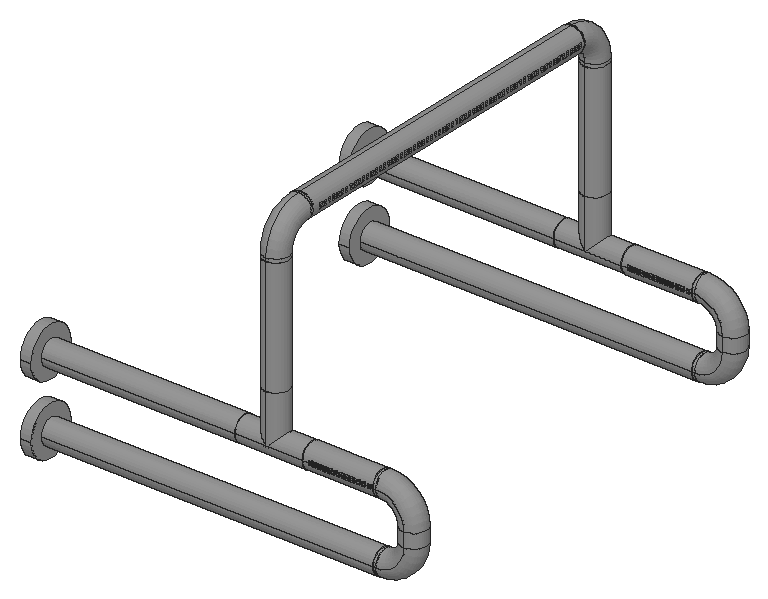
Revit family "Tube Coated Handicap Grab Bar White_IN", category Pipe Accessories, Revit 2017
Family settings
  Round Connector Dimension = Use Diameter
  Part Type = Normal
  Work Plane-Based = Yes
  Always vertical = No
  Cut with Voids When Loaded = Yes
  Shared = No
Parameters
  Website = "https://dolphy.in/"  # constant formula
  Model = "DHGB0004"  # constant formula
  Default Elevation = 1219.2 mm
  Contact number = "+91 9520202035"  # constant formula
  Contact email = "info@dolphy.in"  # constant formula
  Company name = "Dolphy India"  # constant formula
Reference planes
  plane 1 "Center (Front/Back)": y = 0
  plane 2: z = 0
  plane 3 "Center (Left/Right)": x = 0
  plane 4: z = 134.837
  plane 5: x = 540.581
  plane 6: y = 34.998
  plane 7: y = 599.998
  plane 8: y = 35
  plane 9: y = -4.687
  plane 10: z = 414.837
  plane 11: z = 414.837
  plane 12: x = 540.581
Forms (mm)
  Sweep 1, solid, material "NYLONS"
    path origin (1045, 317.5, -571.329) x (1, 0, 0) y (0, 0, -1)
      loop
        line (-1044.419, -706.329) -> (-555, -706.329)
        arc (-555, -706.329) -> (-526.716, -694.613) -> (-515, -666.329) r 40
        line (-515, -666.329) -> (-515, -646.329)
        arc (-515, -646.329) -> (-526.716, -618.044) -> (-555, -606.329) r 40
        line (-555, -606.329) -> (-1044.419, -606.329)
    profile origin (245.29, 317.5, 135) x (0, 0, -1) y (0, 1, 0)
      loop
        circle (0, -282.5) r 17.5
  Extrusion 2, solid, material "NYLONS"
    sketch origin (1045, 35, -571.329) x (0, 1, 0) y (0, 0, -1)
      loop
        circle (-0.2, -706.685) r 35
      loop
        circle (0, -606.329) r 35
    from 1030 to 1045
  Sweep 3, solid, material "NYLONS"
    path origin (1045, 319.829, 59.988) x (0, -1, 0) y (0, 0, 1)
      loop
        line (284.831, 74.849) -> (284.831, 314.849)
        arc (284.831, 314.849) -> (273.115, 343.133) -> (244.831, 354.849) r 40
        line (244.831, 354.849) -> (-240.169, 354.849)
        arc (-240.169, 354.849) -> (-268.453, 343.133) -> (-280.169, 314.849) r 40
        line (-280.169, 314.849) -> (-280.169, 74.849)
    profile origin (1045, 34.998, 254.837) x (0, 1, 0) y (-1, 0, 0)
      loop
        circle (0, 710.355) r 17.5
  Revolve 4, void
    sketch origin (-6.752, 34.998, -0.356) x (1, 0, 0) y (0, 0, 1)
      loop
        line (392.681, 157.144) -> (392.681, 151.753) -> (393.569, 151.753) -> (393.569, 157.144) -> (392.681, 157.144)
      axis (392.681, 135.356) -> (393.681, 135.356)
    angle from 0 to 360
  Revolve 5, void
    sketch origin (0, 34.998, 0) x (1, 0, 0) y (0, 0, 1)
      loop
        line (350.266, 205.383) -> (350.266, 204.602) -> (357.531, 204.602) -> (357.531, 205.383) -> (350.266, 205.383)
      axis (334.645, 204.602) -> (334.645, 205.602)
    angle from 0 to 360
  Revolve 6, void
    sketch origin (-102.681, 34.998, -0.356) x (1, 0, 0) y (0, 0, 1)
      loop
        line (392.681, 157.144) -> (392.681, 151.753) -> (393.569, 151.753) -> (393.569, 157.144) -> (392.681, 157.144)
      axis (392.681, 135.356) -> (393.681, 135.356)
    angle from 0 to 360
  Revolve 7, void
    sketch origin (93.248, 34.998, -0.356) x (1, 0, 0) y (0, 0, 1)
      loop
        line (392.681, 157.144) -> (392.681, 151.753) -> (393.569, 151.753) -> (393.569, 157.144) -> (392.681, 157.144)
      axis (392.681, 135.356) -> (393.681, 135.356)
    angle from 0 to 360
  Revolve 8, void
    sketch origin (93.248, 34.998, -100.356) x (1, 0, 0) y (0, 0, 1)
      loop
        line (392.681, 157.144) -> (392.681, 151.753) -> (393.569, 151.753) -> (393.569, 157.144) -> (392.681, 157.144)
      axis (392.681, 135.356) -> (393.681, 135.356)
    angle from 0 to 360
  Revolve 9, void
    sketch origin (0, 34.998, 165) x (1, 0, 0) y (0, 0, 1)
      loop
        line (350.266, 205.383) -> (350.266, 204.602) -> (357.531, 204.602) -> (357.531, 205.383) -> (350.266, 205.383)
      axis (334.645, 204.602) -> (334.645, 205.602)
    angle from 0 to 360
  Revolve 10, void
    sketch origin (0, 599.998, 165) x (1, 0, 0) y (0, 0, 1)
      loop
        line (350.266, 205.383) -> (350.266, 204.602) -> (357.531, 204.602) -> (357.531, 205.383) -> (350.266, 205.383)
      axis (334.645, 204.602) -> (334.645, 205.602)
    angle from 0 to 360
  Revolve 11, void
    sketch origin (0, 599.998, 0) x (1, 0, 0) y (0, 0, 1)
      loop
        line (350.266, 205.383) -> (350.266, 204.602) -> (357.531, 204.602) -> (357.531, 205.383) -> (350.266, 205.383)
      axis (334.645, 204.602) -> (334.645, 205.602)
    angle from 0 to 360
  Revolve 12, void
    sketch origin (334.645, -25, 0) x (0, 1, 0) y (0, 0, 1)
      loop
        line (103.061, 435.788) -> (103.061, 430.007) -> (103.935, 430.007) -> (103.935, 435.788) -> (103.061, 435.788)
      axis (103.935, 414.602) -> (102.935, 414.602)
    angle from 0 to 360
  Revolve 13, void
    sketch origin (334.645, 455, 0) x (0, 1, 0) y (0, 0, 1)
      loop
        line (103.061, 435.788) -> (103.061, 430.007) -> (103.935, 430.007) -> (103.935, 435.788) -> (103.061, 435.788)
      axis (103.935, 414.602) -> (102.935, 414.602)
    angle from 0 to 360
  Extrusion 14, solid, material "NYLONS"
    sketch origin (0, 0, -0.391) x (1, 0, 0) y (0, 0, 1)
      loop
        spline (395.339, 136.409) -> (395.242, 136.281) -> (395.162, 136.155) -> (395.1, 136.031) -> (395.056, 135.909) -> (395.029, 135.789) -> (395.021, 135.671) -> (395.029, 135.554) -> (395.056, 135.44) -> (395.1, 135.327) -> (395.162, 135.216) -> (395.242, 135.107) -> (395.339, 135)
        line (395.339, 135) -> (398.827, 135)
        spline (398.827, 135) -> (398.927, 135.11) -> (399.008, 135.221) -> (399.072, 135.333) -> (399.117, 135.447) -> (399.145, 135.562) -> (399.154, 135.679) -> (399.145, 135.797) -> (399.117, 135.917) -> (399.072, 136.038) -> (399.008, 136.16) -> (398.927, 136.283) -> (398.827, 136.409)
        line (398.827, 136.409) -> (395.339, 136.409)
    from -18.046 to -17.398
  Extrusion 15, solid, material "NYLONS"
    sketch origin (0, 0, -2.564) x (1, 0, 0) y (0, 0, 1)
      loop
        spline (395.339, 136.409) -> (395.242, 136.281) -> (395.162, 136.155) -> (395.1, 136.031) -> (395.056, 135.909) -> (395.029, 135.789) -> (395.021, 135.671) -> (395.029, 135.554) -> (395.056, 135.44) -> (395.1, 135.327) -> (395.162, 135.216) -> (395.242, 135.107) -> (395.339, 135)
        line (395.339, 135) -> (398.827, 135)
        spline (398.827, 135) -> (398.927, 135.11) -> (399.008, 135.221) -> (399.072, 135.333) -> (399.117, 135.447) -> (399.145, 135.562) -> (399.154, 135.679) -> (399.145, 135.797) -> (399.117, 135.917) -> (399.072, 136.038) -> (399.008, 136.16) -> (398.927, 136.283) -> (398.827, 136.409)
        line (398.827, 136.409) -> (395.339, 136.409)
    from -18.046 to -17.398
  Extrusion 16, solid, material "NYLONS"
    sketch origin (0, 0, 1.96) x (1, 0, 0) y (0, 0, 1)
      loop
        spline (395.339, 136.409) -> (395.242, 136.281) -> (395.162, 136.155) -> (395.1, 136.031) -> (395.056, 135.909) -> (395.029, 135.789) -> (395.021, 135.671) -> (395.029, 135.554) -> (395.056, 135.44) -> (395.1, 135.327) -> (395.162, 135.216) -> (395.242, 135.107) -> (395.339, 135)
        line (395.339, 135) -> (398.827, 135)
        spline (398.827, 135) -> (398.927, 135.11) -> (399.008, 135.221) -> (399.072, 135.333) -> (399.117, 135.447) -> (399.145, 135.562) -> (399.154, 135.679) -> (399.145, 135.797) -> (399.117, 135.917) -> (399.072, 136.038) -> (399.008, 136.16) -> (398.927, 136.283) -> (398.827, 136.409)
        line (398.827, 136.409) -> (395.339, 136.409)
    from -18.046 to -17.398
  Extrusion 17, solid, material "NYLONS"
    sketch origin (5.951, 0, -0.391) x (1, 0, 0) y (0, 0, 1)
      loop
        spline (395.339, 136.409) -> (395.242, 136.281) -> (395.162, 136.155) -> (395.1, 136.031) -> (395.056, 135.909) -> (395.029, 135.789) -> (395.021, 135.671) -> (395.029, 135.554) -> (395.056, 135.44) -> (395.1, 135.327) -> (395.162, 135.216) -> (395.242, 135.107) -> (395.339, 135)
        line (395.339, 135) -> (398.827, 135)
        spline (398.827, 135) -> (398.927, 135.11) -> (399.008, 135.221) -> (399.072, 135.333) -> (399.117, 135.447) -> (399.145, 135.562) -> (399.154, 135.679) -> (399.145, 135.797) -> (399.117, 135.917) -> (399.072, 136.038) -> (399.008, 136.16) -> (398.927, 136.283) -> (398.827, 136.409)
        line (398.827, 136.409) -> (395.339, 136.409)
    from -18.046 to -17.398
  Extrusion 18, solid, material "NYLONS"
    sketch origin (5.951, 0, -2.564) x (1, 0, 0) y (0, 0, 1)
      loop
        spline (395.339, 136.409) -> (395.242, 136.281) -> (395.162, 136.155) -> (395.1, 136.031) -> (395.056, 135.909) -> (395.029, 135.789) -> (395.021, 135.671) -> (395.029, 135.554) -> (395.056, 135.44) -> (395.1, 135.327) -> (395.162, 135.216) -> (395.242, 135.107) -> (395.339, 135)
        line (395.339, 135) -> (398.827, 135)
        spline (398.827, 135) -> (398.927, 135.11) -> (399.008, 135.221) -> (399.072, 135.333) -> (399.117, 135.447) -> (399.145, 135.562) -> (399.154, 135.679) -> (399.145, 135.797) -> (399.117, 135.917) -> (399.072, 136.038) -> (399.008, 136.16) -> (398.927, 136.283) -> (398.827, 136.409)
        line (398.827, 136.409) -> (395.339, 136.409)
    from -18.046 to -17.398
  Extrusion 19, solid, material "NYLONS"
    sketch origin (5.951, 0, 1.96) x (1, 0, 0) y (0, 0, 1)
      loop
        spline (395.339, 136.409) -> (395.242, 136.281) -> (395.162, 136.155) -> (395.1, 136.031) -> (395.056, 135.909) -> (395.029, 135.789) -> (395.021, 135.671) -> (395.029, 135.554) -> (395.056, 135.44) -> (395.1, 135.327) -> (395.162, 135.216) -> (395.242, 135.107) -> (395.339, 135)
        line (395.339, 135) -> (398.827, 135)
        spline (398.827, 135) -> (398.927, 135.11) -> (399.008, 135.221) -> (399.072, 135.333) -> (399.117, 135.447) -> (399.145, 135.562) -> (399.154, 135.679) -> (399.145, 135.797) -> (399.117, 135.917) -> (399.072, 136.038) -> (399.008, 136.16) -> (398.927, 136.283) -> (398.827, 136.409)
        line (398.827, 136.409) -> (395.339, 136.409)
    from -18.046 to -17.398
  Extrusion 20, solid, material "NYLONS"
    sketch origin (12.868, 0, -0.391) x (1, 0, 0) y (0, 0, 1)
      loop
        spline (395.339, 136.409) -> (395.242, 136.281) -> (395.162, 136.155) -> (395.1, 136.031) -> (395.056, 135.909) -> (395.029, 135.789) -> (395.021, 135.671) -> (395.029, 135.554) -> (395.056, 135.44) -> (395.1, 135.327) -> (395.162, 135.216) -> (395.242, 135.107) -> (395.339, 135)
        line (395.339, 135) -> (398.827, 135)
        spline (398.827, 135) -> (398.927, 135.11) -> (399.008, 135.221) -> (399.072, 135.333) -> (399.117, 135.447) -> (399.145, 135.562) -> (399.154, 135.679) -> (399.145, 135.797) -> (399.117, 135.917) -> (399.072, 136.038) -> (399.008, 136.16) -> (398.927, 136.283) -> (398.827, 136.409)
        line (398.827, 136.409) -> (395.339, 136.409)
    from -18.046 to -17.398
  Extrusion 21, solid, material "NYLONS"
    sketch origin (12.868, 0, -2.564) x (1, 0, 0) y (0, 0, 1)
      loop
        spline (395.339, 136.409) -> (395.242, 136.281) -> (395.162, 136.155) -> (395.1, 136.031) -> (395.056, 135.909) -> (395.029, 135.789) -> (395.021, 135.671) -> (395.029, 135.554) -> (395.056, 135.44) -> (395.1, 135.327) -> (395.162, 135.216) -> (395.242, 135.107) -> (395.339, 135)
        line (395.339, 135) -> (398.827, 135)
        spline (398.827, 135) -> (398.927, 135.11) -> (399.008, 135.221) -> (399.072, 135.333) -> (399.117, 135.447) -> (399.145, 135.562) -> (399.154, 135.679) -> (399.145, 135.797) -> (399.117, 135.917) -> (399.072, 136.038) -> (399.008, 136.16) -> (398.927, 136.283) -> (398.827, 136.409)
        line (398.827, 136.409) -> (395.339, 136.409)
    from -18.046 to -17.398
  Extrusion 22, solid, material "NYLONS"
    sketch origin (12.868, 0, 1.96) x (1, 0, 0) y (0, 0, 1)
      loop
        spline (395.339, 136.409) -> (395.242, 136.281) -> (395.162, 136.155) -> (395.1, 136.031) -> (395.056, 135.909) -> (395.029, 135.789) -> (395.021, 135.671) -> (395.029, 135.554) -> (395.056, 135.44) -> (395.1, 135.327) -> (395.162, 135.216) -> (395.242, 135.107) -> (395.339, 135)
        line (395.339, 135) -> (398.827, 135)
        spline (398.827, 135) -> (398.927, 135.11) -> (399.008, 135.221) -> (399.072, 135.333) -> (399.117, 135.447) -> (399.145, 135.562) -> (399.154, 135.679) -> (399.145, 135.797) -> (399.117, 135.917) -> (399.072, 136.038) -> (399.008, 136.16) -> (398.927, 136.283) -> (398.827, 136.409)
        line (398.827, 136.409) -> (395.339, 136.409)
    from -18.046 to -17.398
  Extrusion 23, solid, material "NYLONS"
    sketch origin (19.637, 0, -0.391) x (1, 0, 0) y (0, 0, 1)
      loop
        spline (395.339, 136.409) -> (395.242, 136.281) -> (395.162, 136.155) -> (395.1, 136.031) -> (395.056, 135.909) -> (395.029, 135.789) -> (395.021, 135.671) -> (395.029, 135.554) -> (395.056, 135.44) -> (395.1, 135.327) -> (395.162, 135.216) -> (395.242, 135.107) -> (395.339, 135)
        line (395.339, 135) -> (398.827, 135)
        spline (398.827, 135) -> (398.927, 135.11) -> (399.008, 135.221) -> (399.072, 135.333) -> (399.117, 135.447) -> (399.145, 135.562) -> (399.154, 135.679) -> (399.145, 135.797) -> (399.117, 135.917) -> (399.072, 136.038) -> (399.008, 136.16) -> (398.927, 136.283) -> (398.827, 136.409)
        line (398.827, 136.409) -> (395.339, 136.409)
    from -18.046 to -17.398
  Extrusion 24, solid, material "NYLONS"
    sketch origin (19.637, 0, -2.564) x (1, 0, 0) y (0, 0, 1)
      loop
        spline (395.339, 136.409) -> (395.242, 136.281) -> (395.162, 136.155) -> (395.1, 136.031) -> (395.056, 135.909) -> (395.029, 135.789) -> (395.021, 135.671) -> (395.029, 135.554) -> (395.056, 135.44) -> (395.1, 135.327) -> (395.162, 135.216) -> (395.242, 135.107) -> (395.339, 135)
        line (395.339, 135) -> (398.827, 135)
        spline (398.827, 135) -> (398.927, 135.11) -> (399.008, 135.221) -> (399.072, 135.333) -> (399.117, 135.447) -> (399.145, 135.562) -> (399.154, 135.679) -> (399.145, 135.797) -> (399.117, 135.917) -> (399.072, 136.038) -> (399.008, 136.16) -> (398.927, 136.283) -> (398.827, 136.409)
        line (398.827, 136.409) -> (395.339, 136.409)
    from -18.046 to -17.398
  Extrusion 25, solid, material "NYLONS"
    sketch origin (19.637, 0, 1.96) x (1, 0, 0) y (0, 0, 1)
      loop
        spline (395.339, 136.409) -> (395.242, 136.281) -> (395.162, 136.155) -> (395.1, 136.031) -> (395.056, 135.909) -> (395.029, 135.789) -> (395.021, 135.671) -> (395.029, 135.554) -> (395.056, 135.44) -> (395.1, 135.327) -> (395.162, 135.216) -> (395.242, 135.107) -> (395.339, 135)
        line (395.339, 135) -> (398.827, 135)
        spline (398.827, 135) -> (398.927, 135.11) -> (399.008, 135.221) -> (399.072, 135.333) -> (399.117, 135.447) -> (399.145, 135.562) -> (399.154, 135.679) -> (399.145, 135.797) -> (399.117, 135.917) -> (399.072, 136.038) -> (399.008, 136.16) -> (398.927, 136.283) -> (398.827, 136.409)
        line (398.827, 136.409) -> (395.339, 136.409)
    from -18.046 to -17.398
  Extrusion 26, solid, material "NYLONS"
    sketch origin (26.406, 0, -0.391) x (1, 0, 0) y (0, 0, 1)
      loop
        spline (395.339, 136.409) -> (395.242, 136.281) -> (395.162, 136.155) -> (395.1, 136.031) -> (395.056, 135.909) -> (395.029, 135.789) -> (395.021, 135.671) -> (395.029, 135.554) -> (395.056, 135.44) -> (395.1, 135.327) -> (395.162, 135.216) -> (395.242, 135.107) -> (395.339, 135)
        line (395.339, 135) -> (398.827, 135)
        spline (398.827, 135) -> (398.927, 135.11) -> (399.008, 135.221) -> (399.072, 135.333) -> (399.117, 135.447) -> (399.145, 135.562) -> (399.154, 135.679) -> (399.145, 135.797) -> (399.117, 135.917) -> (399.072, 136.038) -> (399.008, 136.16) -> (398.927, 136.283) -> (398.827, 136.409)
        line (398.827, 136.409) -> (395.339, 136.409)
    from -18.046 to -17.398
  Extrusion 27, solid, material "NYLONS"
    sketch origin (26.406, 0, -2.564) x (1, 0, 0) y (0, 0, 1)
      loop
        spline (395.339, 136.409) -> (395.242, 136.281) -> (395.162, 136.155) -> (395.1, 136.031) -> (395.056, 135.909) -> (395.029, 135.789) -> (395.021, 135.671) -> (395.029, 135.554) -> (395.056, 135.44) -> (395.1, 135.327) -> (395.162, 135.216) -> (395.242, 135.107) -> (395.339, 135)
        line (395.339, 135) -> (398.827, 135)
        spline (398.827, 135) -> (398.927, 135.11) -> (399.008, 135.221) -> (399.072, 135.333) -> (399.117, 135.447) -> (399.145, 135.562) -> (399.154, 135.679) -> (399.145, 135.797) -> (399.117, 135.917) -> (399.072, 136.038) -> (399.008, 136.16) -> (398.927, 136.283) -> (398.827, 136.409)
        line (398.827, 136.409) -> (395.339, 136.409)
    from -18.046 to -17.398
  Extrusion 28, solid, material "NYLONS"
    sketch origin (26.406, 0, 1.96) x (1, 0, 0) y (0, 0, 1)
      loop
        spline (395.339, 136.409) -> (395.242, 136.281) -> (395.162, 136.155) -> (395.1, 136.031) -> (395.056, 135.909) -> (395.029, 135.789) -> (395.021, 135.671) -> (395.029, 135.554) -> (395.056, 135.44) -> (395.1, 135.327) -> (395.162, 135.216) -> (395.242, 135.107) -> (395.339, 135)
        line (395.339, 135) -> (398.827, 135)
        spline (398.827, 135) -> (398.927, 135.11) -> (399.008, 135.221) -> (399.072, 135.333) -> (399.117, 135.447) -> (399.145, 135.562) -> (399.154, 135.679) -> (399.145, 135.797) -> (399.117, 135.917) -> (399.072, 136.038) -> (399.008, 136.16) -> (398.927, 136.283) -> (398.827, 136.409)
        line (398.827, 136.409) -> (395.339, 136.409)
    from -18.046 to -17.398
  Extrusion 29, solid, material "NYLONS"
    sketch origin (32.357, 0, -0.391) x (1, 0, 0) y (0, 0, 1)
      loop
        spline (395.339, 136.409) -> (395.242, 136.281) -> (395.162, 136.155) -> (395.1, 136.031) -> (395.056, 135.909) -> (395.029, 135.789) -> (395.021, 135.671) -> (395.029, 135.554) -> (395.056, 135.44) -> (395.1, 135.327) -> (395.162, 135.216) -> (395.242, 135.107) -> (395.339, 135)
        line (395.339, 135) -> (398.827, 135)
        spline (398.827, 135) -> (398.927, 135.11) -> (399.008, 135.221) -> (399.072, 135.333) -> (399.117, 135.447) -> (399.145, 135.562) -> (399.154, 135.679) -> (399.145, 135.797) -> (399.117, 135.917) -> (399.072, 136.038) -> (399.008, 136.16) -> (398.927, 136.283) -> (398.827, 136.409)
        line (398.827, 136.409) -> (395.339, 136.409)
    from -18.046 to -17.398
  Extrusion 30, solid, material "NYLONS"
    sketch origin (32.357, 0, -2.564) x (1, 0, 0) y (0, 0, 1)
      loop
        spline (395.339, 136.409) -> (395.242, 136.281) -> (395.162, 136.155) -> (395.1, 136.031) -> (395.056, 135.909) -> (395.029, 135.789) -> (395.021, 135.671) -> (395.029, 135.554) -> (395.056, 135.44) -> (395.1, 135.327) -> (395.162, 135.216) -> (395.242, 135.107) -> (395.339, 135)
        line (395.339, 135) -> (398.827, 135)
        spline (398.827, 135) -> (398.927, 135.11) -> (399.008, 135.221) -> (399.072, 135.333) -> (399.117, 135.447) -> (399.145, 135.562) -> (399.154, 135.679) -> (399.145, 135.797) -> (399.117, 135.917) -> (399.072, 136.038) -> (399.008, 136.16) -> (398.927, 136.283) -> (398.827, 136.409)
        line (398.827, 136.409) -> (395.339, 136.409)
    from -18.046 to -17.398
  Extrusion 31, solid, material "NYLONS"
    sketch origin (32.357, 0, 1.96) x (1, 0, 0) y (0, 0, 1)
      loop
        spline (395.339, 136.409) -> (395.242, 136.281) -> (395.162, 136.155) -> (395.1, 136.031) -> (395.056, 135.909) -> (395.029, 135.789) -> (395.021, 135.671) -> (395.029, 135.554) -> (395.056, 135.44) -> (395.1, 135.327) -> (395.162, 135.216) -> (395.242, 135.107) -> (395.339, 135)
        line (395.339, 135) -> (398.827, 135)
        spline (398.827, 135) -> (398.927, 135.11) -> (399.008, 135.221) -> (399.072, 135.333) -> (399.117, 135.447) -> (399.145, 135.562) -> (399.154, 135.679) -> (399.145, 135.797) -> (399.117, 135.917) -> (399.072, 136.038) -> (399.008, 136.16) -> (398.927, 136.283) -> (398.827, 136.409)
        line (398.827, 136.409) -> (395.339, 136.409)
    from -18.046 to -17.398
  Extrusion 32, solid, material "NYLONS"
    sketch origin (39.349, 0, -0.391) x (1, 0, 0) y (0, 0, 1)
      loop
        spline (395.339, 136.409) -> (395.242, 136.281) -> (395.162, 136.155) -> (395.1, 136.031) -> (395.056, 135.909) -> (395.029, 135.789) -> (395.021, 135.671) -> (395.029, 135.554) -> (395.056, 135.44) -> (395.1, 135.327) -> (395.162, 135.216) -> (395.242, 135.107) -> (395.339, 135)
        line (395.339, 135) -> (398.827, 135)
        spline (398.827, 135) -> (398.927, 135.11) -> (399.008, 135.221) -> (399.072, 135.333) -> (399.117, 135.447) -> (399.145, 135.562) -> (399.154, 135.679) -> (399.145, 135.797) -> (399.117, 135.917) -> (399.072, 136.038) -> (399.008, 136.16) -> (398.927, 136.283) -> (398.827, 136.409)
        line (398.827, 136.409) -> (395.339, 136.409)
    from -18.046 to -17.398
  Extrusion 33, solid, material "NYLONS"
    sketch origin (39.349, 0, -2.564) x (1, 0, 0) y (0, 0, 1)
      loop
        spline (395.339, 136.409) -> (395.242, 136.281) -> (395.162, 136.155) -> (395.1, 136.031) -> (395.056, 135.909) -> (395.029, 135.789) -> (395.021, 135.671) -> (395.029, 135.554) -> (395.056, 135.44) -> (395.1, 135.327) -> (395.162, 135.216) -> (395.242, 135.107) -> (395.339, 135)
        line (395.339, 135) -> (398.827, 135)
        spline (398.827, 135) -> (398.927, 135.11) -> (399.008, 135.221) -> (399.072, 135.333) -> (399.117, 135.447) -> (399.145, 135.562) -> (399.154, 135.679) -> (399.145, 135.797) -> (399.117, 135.917) -> (399.072, 136.038) -> (399.008, 136.16) -> (398.927, 136.283) -> (398.827, 136.409)
        line (398.827, 136.409) -> (395.339, 136.409)
    from -18.046 to -17.398
  Extrusion 34, solid, material "NYLONS"
    sketch origin (39.349, 0, 1.96) x (1, 0, 0) y (0, 0, 1)
      loop
        spline (395.339, 136.409) -> (395.242, 136.281) -> (395.162, 136.155) -> (395.1, 136.031) -> (395.056, 135.909) -> (395.029, 135.789) -> (395.021, 135.671) -> (395.029, 135.554) -> (395.056, 135.44) -> (395.1, 135.327) -> (395.162, 135.216) -> (395.242, 135.107) -> (395.339, 135)
        line (395.339, 135) -> (398.827, 135)
        spline (398.827, 135) -> (398.927, 135.11) -> (399.008, 135.221) -> (399.072, 135.333) -> (399.117, 135.447) -> (399.145, 135.562) -> (399.154, 135.679) -> (399.145, 135.797) -> (399.117, 135.917) -> (399.072, 136.038) -> (399.008, 136.16) -> (398.927, 136.283) -> (398.827, 136.409)
        line (398.827, 136.409) -> (395.339, 136.409)
    from -18.046 to -17.398
  Extrusion 35, solid, material "NYLONS"
    sketch origin (46.192, 0, -0.391) x (1, 0, 0) y (0, 0, 1)
      loop
        spline (395.339, 136.409) -> (395.242, 136.281) -> (395.162, 136.155) -> (395.1, 136.031) -> (395.056, 135.909) -> (395.029, 135.789) -> (395.021, 135.671) -> (395.029, 135.554) -> (395.056, 135.44) -> (395.1, 135.327) -> (395.162, 135.216) -> (395.242, 135.107) -> (395.339, 135)
        line (395.339, 135) -> (398.827, 135)
        spline (398.827, 135) -> (398.927, 135.11) -> (399.008, 135.221) -> (399.072, 135.333) -> (399.117, 135.447) -> (399.145, 135.562) -> (399.154, 135.679) -> (399.145, 135.797) -> (399.117, 135.917) -> (399.072, 136.038) -> (399.008, 136.16) -> (398.927, 136.283) -> (398.827, 136.409)
        line (398.827, 136.409) -> (395.339, 136.409)
    from -18.046 to -17.398
  Extrusion 36, solid, material "NYLONS"
    sketch origin (46.192, 0, -2.564) x (1, 0, 0) y (0, 0, 1)
      loop
        spline (395.339, 136.409) -> (395.242, 136.281) -> (395.162, 136.155) -> (395.1, 136.031) -> (395.056, 135.909) -> (395.029, 135.789) -> (395.021, 135.671) -> (395.029, 135.554) -> (395.056, 135.44) -> (395.1, 135.327) -> (395.162, 135.216) -> (395.242, 135.107) -> (395.339, 135)
        line (395.339, 135) -> (398.827, 135)
        spline (398.827, 135) -> (398.927, 135.11) -> (399.008, 135.221) -> (399.072, 135.333) -> (399.117, 135.447) -> (399.145, 135.562) -> (399.154, 135.679) -> (399.145, 135.797) -> (399.117, 135.917) -> (399.072, 136.038) -> (399.008, 136.16) -> (398.927, 136.283) -> (398.827, 136.409)
        line (398.827, 136.409) -> (395.339, 136.409)
    from -18.046 to -17.398
  Extrusion 37, solid, material "NYLONS"
    sketch origin (46.192, 0, 1.96) x (1, 0, 0) y (0, 0, 1)
      loop
        spline (395.339, 136.409) -> (395.242, 136.281) -> (395.162, 136.155) -> (395.1, 136.031) -> (395.056, 135.909) -> (395.029, 135.789) -> (395.021, 135.671) -> (395.029, 135.554) -> (395.056, 135.44) -> (395.1, 135.327) -> (395.162, 135.216) -> (395.242, 135.107) -> (395.339, 135)
        line (395.339, 135) -> (398.827, 135)
        spline (398.827, 135) -> (398.927, 135.11) -> (399.008, 135.221) -> (399.072, 135.333) -> (399.117, 135.447) -> (399.145, 135.562) -> (399.154, 135.679) -> (399.145, 135.797) -> (399.117, 135.917) -> (399.072, 136.038) -> (399.008, 136.16) -> (398.927, 136.283) -> (398.827, 136.409)
        line (398.827, 136.409) -> (395.339, 136.409)
    from -18.046 to -17.398
  Extrusion 38, solid, material "NYLONS"
    sketch origin (53.258, 0, -0.391) x (1, 0, 0) y (0, 0, 1)
      loop
        spline (395.339, 136.409) -> (395.242, 136.281) -> (395.162, 136.155) -> (395.1, 136.031) -> (395.056, 135.909) -> (395.029, 135.789) -> (395.021, 135.671) -> (395.029, 135.554) -> (395.056, 135.44) -> (395.1, 135.327) -> (395.162, 135.216) -> (395.242, 135.107) -> (395.339, 135)
        line (395.339, 135) -> (398.827, 135)
        spline (398.827, 135) -> (398.927, 135.11) -> (399.008, 135.221) -> (399.072, 135.333) -> (399.117, 135.447) -> (399.145, 135.562) -> (399.154, 135.679) -> (399.145, 135.797) -> (399.117, 135.917) -> (399.072, 136.038) -> (399.008, 136.16) -> (398.927, 136.283) -> (398.827, 136.409)
        line (398.827, 136.409) -> (395.339, 136.409)
    from -18.046 to -17.398
  Extrusion 39, solid, material "NYLONS"
    sketch origin (53.258, 0, -2.564) x (1, 0, 0) y (0, 0, 1)
      loop
        spline (395.339, 136.409) -> (395.242, 136.281) -> (395.162, 136.155) -> (395.1, 136.031) -> (395.056, 135.909) -> (395.029, 135.789) -> (395.021, 135.671) -> (395.029, 135.554) -> (395.056, 135.44) -> (395.1, 135.327) -> (395.162, 135.216) -> (395.242, 135.107) -> (395.339, 135)
        line (395.339, 135) -> (398.827, 135)
        spline (398.827, 135) -> (398.927, 135.11) -> (399.008, 135.221) -> (399.072, 135.333) -> (399.117, 135.447) -> (399.145, 135.562) -> (399.154, 135.679) -> (399.145, 135.797) -> (399.117, 135.917) -> (399.072, 136.038) -> (399.008, 136.16) -> (398.927, 136.283) -> (398.827, 136.409)
        line (398.827, 136.409) -> (395.339, 136.409)
    from -18.046 to -17.398
  Extrusion 40, solid, material "NYLONS"
    sketch origin (53.258, 0, 1.96) x (1, 0, 0) y (0, 0, 1)
      loop
        spline (395.339, 136.409) -> (395.242, 136.281) -> (395.162, 136.155) -> (395.1, 136.031) -> (395.056, 135.909) -> (395.029, 135.789) -> (395.021, 135.671) -> (395.029, 135.554) -> (395.056, 135.44) -> (395.1, 135.327) -> (395.162, 135.216) -> (395.242, 135.107) -> (395.339, 135)
        line (395.339, 135) -> (398.827, 135)
        spline (398.827, 135) -> (398.927, 135.11) -> (399.008, 135.221) -> (399.072, 135.333) -> (399.117, 135.447) -> (399.145, 135.562) -> (399.154, 135.679) -> (399.145, 135.797) -> (399.117, 135.917) -> (399.072, 136.038) -> (399.008, 136.16) -> (398.927, 136.283) -> (398.827, 136.409)
        line (398.827, 136.409) -> (395.339, 136.409)
    from -18.046 to -17.398
  Extrusion 41, solid, material "NYLONS"
    sketch origin (60.25, 0, -0.391) x (1, 0, 0) y (0, 0, 1)
      loop
        spline (395.339, 136.409) -> (395.242, 136.281) -> (395.162, 136.155) -> (395.1, 136.031) -> (395.056, 135.909) -> (395.029, 135.789) -> (395.021, 135.671) -> (395.029, 135.554) -> (395.056, 135.44) -> (395.1, 135.327) -> (395.162, 135.216) -> (395.242, 135.107) -> (395.339, 135)
        line (395.339, 135) -> (398.827, 135)
        spline (398.827, 135) -> (398.927, 135.11) -> (399.008, 135.221) -> (399.072, 135.333) -> (399.117, 135.447) -> (399.145, 135.562) -> (399.154, 135.679) -> (399.145, 135.797) -> (399.117, 135.917) -> (399.072, 136.038) -> (399.008, 136.16) -> (398.927, 136.283) -> (398.827, 136.409)
        line (398.827, 136.409) -> (395.339, 136.409)
    from -18.046 to -17.398
  Extrusion 42, solid, material "NYLONS"
    sketch origin (60.25, 0, -2.564) x (1, 0, 0) y (0, 0, 1)
      loop
        spline (395.339, 136.409) -> (395.242, 136.281) -> (395.162, 136.155) -> (395.1, 136.031) -> (395.056, 135.909) -> (395.029, 135.789) -> (395.021, 135.671) -> (395.029, 135.554) -> (395.056, 135.44) -> (395.1, 135.327) -> (395.162, 135.216) -> (395.242, 135.107) -> (395.339, 135)
        line (395.339, 135) -> (398.827, 135)
        spline (398.827, 135) -> (398.927, 135.11) -> (399.008, 135.221) -> (399.072, 135.333) -> (399.117, 135.447) -> (399.145, 135.562) -> (399.154, 135.679) -> (399.145, 135.797) -> (399.117, 135.917) -> (399.072, 136.038) -> (399.008, 136.16) -> (398.927, 136.283) -> (398.827, 136.409)
        line (398.827, 136.409) -> (395.339, 136.409)
    from -18.046 to -17.398
  Extrusion 43, solid, material "NYLONS"
    sketch origin (60.25, 0, 1.96) x (1, 0, 0) y (0, 0, 1)
      loop
        spline (395.339, 136.409) -> (395.242, 136.281) -> (395.162, 136.155) -> (395.1, 136.031) -> (395.056, 135.909) -> (395.029, 135.789) -> (395.021, 135.671) -> (395.029, 135.554) -> (395.056, 135.44) -> (395.1, 135.327) -> (395.162, 135.216) -> (395.242, 135.107) -> (395.339, 135)
        line (395.339, 135) -> (398.827, 135)
        spline (398.827, 135) -> (398.927, 135.11) -> (399.008, 135.221) -> (399.072, 135.333) -> (399.117, 135.447) -> (399.145, 135.562) -> (399.154, 135.679) -> (399.145, 135.797) -> (399.117, 135.917) -> (399.072, 136.038) -> (399.008, 136.16) -> (398.927, 136.283) -> (398.827, 136.409)
        line (398.827, 136.409) -> (395.339, 136.409)
    from -18.046 to -17.398
  Extrusion 44, solid, material "NYLONS"
    sketch origin (68.061, 0, -0.391) x (1, 0, 0) y (0, 0, 1)
      loop
        spline (395.339, 136.409) -> (395.242, 136.281) -> (395.162, 136.155) -> (395.1, 136.031) -> (395.056, 135.909) -> (395.029, 135.789) -> (395.021, 135.671) -> (395.029, 135.554) -> (395.056, 135.44) -> (395.1, 135.327) -> (395.162, 135.216) -> (395.242, 135.107) -> (395.339, 135)
        line (395.339, 135) -> (398.827, 135)
        spline (398.827, 135) -> (398.927, 135.11) -> (399.008, 135.221) -> (399.072, 135.333) -> (399.117, 135.447) -> (399.145, 135.562) -> (399.154, 135.679) -> (399.145, 135.797) -> (399.117, 135.917) -> (399.072, 136.038) -> (399.008, 136.16) -> (398.927, 136.283) -> (398.827, 136.409)
        line (398.827, 136.409) -> (395.339, 136.409)
    from -18.046 to -17.398
  Extrusion 45, solid, material "NYLONS"
    sketch origin (68.061, 0, -2.564) x (1, 0, 0) y (0, 0, 1)
      loop
        spline (395.339, 136.409) -> (395.242, 136.281) -> (395.162, 136.155) -> (395.1, 136.031) -> (395.056, 135.909) -> (395.029, 135.789) -> (395.021, 135.671) -> (395.029, 135.554) -> (395.056, 135.44) -> (395.1, 135.327) -> (395.162, 135.216) -> (395.242, 135.107) -> (395.339, 135)
        line (395.339, 135) -> (398.827, 135)
        spline (398.827, 135) -> (398.927, 135.11) -> (399.008, 135.221) -> (399.072, 135.333) -> (399.117, 135.447) -> (399.145, 135.562) -> (399.154, 135.679) -> (399.145, 135.797) -> (399.117, 135.917) -> (399.072, 136.038) -> (399.008, 136.16) -> (398.927, 136.283) -> (398.827, 136.409)
        line (398.827, 136.409) -> (395.339, 136.409)
    from -18.046 to -17.398
  Extrusion 46, solid, material "NYLONS"
    sketch origin (68.061, 0, 1.96) x (1, 0, 0) y (0, 0, 1)
      loop
        spline (395.339, 136.409) -> (395.242, 136.281) -> (395.162, 136.155) -> (395.1, 136.031) -> (395.056, 135.909) -> (395.029, 135.789) -> (395.021, 135.671) -> (395.029, 135.554) -> (395.056, 135.44) -> (395.1, 135.327) -> (395.162, 135.216) -> (395.242, 135.107) -> (395.339, 135)
        line (395.339, 135) -> (398.827, 135)
        spline (398.827, 135) -> (398.927, 135.11) -> (399.008, 135.221) -> (399.072, 135.333) -> (399.117, 135.447) -> (399.145, 135.562) -> (399.154, 135.679) -> (399.145, 135.797) -> (399.117, 135.917) -> (399.072, 136.038) -> (399.008, 136.16) -> (398.927, 136.283) -> (398.827, 136.409)
        line (398.827, 136.409) -> (395.339, 136.409)
    from -18.046 to -17.398
  Extrusion 47, solid, material "NYLONS"
    sketch origin (75.648, 0, -0.391) x (1, 0, 0) y (0, 0, 1)
      loop
        spline (395.339, 136.409) -> (395.242, 136.281) -> (395.162, 136.155) -> (395.1, 136.031) -> (395.056, 135.909) -> (395.029, 135.789) -> (395.021, 135.671) -> (395.029, 135.554) -> (395.056, 135.44) -> (395.1, 135.327) -> (395.162, 135.216) -> (395.242, 135.107) -> (395.339, 135)
        line (395.339, 135) -> (398.827, 135)
        spline (398.827, 135) -> (398.927, 135.11) -> (399.008, 135.221) -> (399.072, 135.333) -> (399.117, 135.447) -> (399.145, 135.562) -> (399.154, 135.679) -> (399.145, 135.797) -> (399.117, 135.917) -> (399.072, 136.038) -> (399.008, 136.16) -> (398.927, 136.283) -> (398.827, 136.409)
        line (398.827, 136.409) -> (395.339, 136.409)
    from -18.046 to -17.398
  Extrusion 48, solid, material "NYLONS"
    sketch origin (75.648, 0, -2.564) x (1, 0, 0) y (0, 0, 1)
      loop
        spline (395.339, 136.409) -> (395.242, 136.281) -> (395.162, 136.155) -> (395.1, 136.031) -> (395.056, 135.909) -> (395.029, 135.789) -> (395.021, 135.671) -> (395.029, 135.554) -> (395.056, 135.44) -> (395.1, 135.327) -> (395.162, 135.216) -> (395.242, 135.107) -> (395.339, 135)
        line (395.339, 135) -> (398.827, 135)
        spline (398.827, 135) -> (398.927, 135.11) -> (399.008, 135.221) -> (399.072, 135.333) -> (399.117, 135.447) -> (399.145, 135.562) -> (399.154, 135.679) -> (399.145, 135.797) -> (399.117, 135.917) -> (399.072, 136.038) -> (399.008, 136.16) -> (398.927, 136.283) -> (398.827, 136.409)
        line (398.827, 136.409) -> (395.339, 136.409)
    from -18.046 to -17.398
  Extrusion 49, solid, material "NYLONS"
    sketch origin (75.648, 0, 1.96) x (1, 0, 0) y (0, 0, 1)
      loop
        spline (395.339, 136.409) -> (395.242, 136.281) -> (395.162, 136.155) -> (395.1, 136.031) -> (395.056, 135.909) -> (395.029, 135.789) -> (395.021, 135.671) -> (395.029, 135.554) -> (395.056, 135.44) -> (395.1, 135.327) -> (395.162, 135.216) -> (395.242, 135.107) -> (395.339, 135)
        line (395.339, 135) -> (398.827, 135)
        spline (398.827, 135) -> (398.927, 135.11) -> (399.008, 135.221) -> (399.072, 135.333) -> (399.117, 135.447) -> (399.145, 135.562) -> (399.154, 135.679) -> (399.145, 135.797) -> (399.117, 135.917) -> (399.072, 136.038) -> (399.008, 136.16) -> (398.927, 136.283) -> (398.827, 136.409)
        line (398.827, 136.409) -> (395.339, 136.409)
    from -18.046 to -17.398
  Extrusion 50, solid, material "NYLONS"
    sketch origin (83.532, 0, -0.391) x (1, 0, 0) y (0, 0, 1)
      loop
        spline (395.339, 136.409) -> (395.242, 136.281) -> (395.162, 136.155) -> (395.1, 136.031) -> (395.056, 135.909) -> (395.029, 135.789) -> (395.021, 135.671) -> (395.029, 135.554) -> (395.056, 135.44) -> (395.1, 135.327) -> (395.162, 135.216) -> (395.242, 135.107) -> (395.339, 135)
        line (395.339, 135) -> (398.827, 135)
        spline (398.827, 135) -> (398.927, 135.11) -> (399.008, 135.221) -> (399.072, 135.333) -> (399.117, 135.447) -> (399.145, 135.562) -> (399.154, 135.679) -> (399.145, 135.797) -> (399.117, 135.917) -> (399.072, 136.038) -> (399.008, 136.16) -> (398.927, 136.283) -> (398.827, 136.409)
        line (398.827, 136.409) -> (395.339, 136.409)
    from -18.046 to -17.398
  Extrusion 51, solid, material "NYLONS"
    sketch origin (83.532, 0, -2.564) x (1, 0, 0) y (0, 0, 1)
      loop
        spline (395.339, 136.409) -> (395.242, 136.281) -> (395.162, 136.155) -> (395.1, 136.031) -> (395.056, 135.909) -> (395.029, 135.789) -> (395.021, 135.671) -> (395.029, 135.554) -> (395.056, 135.44) -> (395.1, 135.327) -> (395.162, 135.216) -> (395.242, 135.107) -> (395.339, 135)
        line (395.339, 135) -> (398.827, 135)
        spline (398.827, 135) -> (398.927, 135.11) -> (399.008, 135.221) -> (399.072, 135.333) -> (399.117, 135.447) -> (399.145, 135.562) -> (399.154, 135.679) -> (399.145, 135.797) -> (399.117, 135.917) -> (399.072, 136.038) -> (399.008, 136.16) -> (398.927, 136.283) -> (398.827, 136.409)
        line (398.827, 136.409) -> (395.339, 136.409)
    from -18.046 to -17.398
  Extrusion 52, solid, material "NYLONS"
    sketch origin (83.532, 0, 1.96) x (1, 0, 0) y (0, 0, 1)
      loop
        spline (395.339, 136.409) -> (395.242, 136.281) -> (395.162, 136.155) -> (395.1, 136.031) -> (395.056, 135.909) -> (395.029, 135.789) -> (395.021, 135.671) -> (395.029, 135.554) -> (395.056, 135.44) -> (395.1, 135.327) -> (395.162, 135.216) -> (395.242, 135.107) -> (395.339, 135)
        line (395.339, 135) -> (398.827, 135)
        spline (398.827, 135) -> (398.927, 135.11) -> (399.008, 135.221) -> (399.072, 135.333) -> (399.117, 135.447) -> (399.145, 135.562) -> (399.154, 135.679) -> (399.145, 135.797) -> (399.117, 135.917) -> (399.072, 136.038) -> (399.008, 136.16) -> (398.927, 136.283) -> (398.827, 136.409)
        line (398.827, 136.409) -> (395.339, 136.409)
    from -18.046 to -17.398
  Extrusion 53, solid, material "NYLONS"
    sketch origin (0, 70, -0.391) x (1, 0, 0) y (0, 0, -1)
      loop
        line (395.339, -136.409) -> (398.827, -136.409)
        spline (398.827, -136.409) -> (398.927, -136.283) -> (399.008, -136.16) -> (399.072, -136.038) -> (399.117, -135.917) -> (399.145, -135.797) -> (399.154, -135.679) -> (399.145, -135.562) -> (399.117, -135.447) -> (399.072, -135.333) -> (399.008, -135.221) -> (398.927, -135.11) -> (398.827, -135)
        line (398.827, -135) -> (395.339, -135)
        spline (395.339, -135) -> (395.242, -135.107) -> (395.162, -135.216) -> (395.1, -135.327) -> (395.056, -135.44) -> (395.029, -135.554) -> (395.021, -135.671) -> (395.029, -135.789) -> (395.056, -135.909) -> (395.1, -136.031) -> (395.162, -136.155) -> (395.242, -136.281) -> (395.339, -136.409)
    from -18.046 to -17.398
  Extrusion 54, solid, material "NYLONS"
    sketch origin (0, 70, -2.564) x (1, 0, 0) y (0, 0, -1)
      loop
        line (395.339, -136.409) -> (398.827, -136.409)
        spline (398.827, -136.409) -> (398.927, -136.283) -> (399.008, -136.16) -> (399.072, -136.038) -> (399.117, -135.917) -> (399.145, -135.797) -> (399.154, -135.679) -> (399.145, -135.562) -> (399.117, -135.447) -> (399.072, -135.333) -> (399.008, -135.221) -> (398.927, -135.11) -> (398.827, -135)
        line (398.827, -135) -> (395.339, -135)
        spline (395.339, -135) -> (395.242, -135.107) -> (395.162, -135.216) -> (395.1, -135.327) -> (395.056, -135.44) -> (395.029, -135.554) -> (395.021, -135.671) -> (395.029, -135.789) -> (395.056, -135.909) -> (395.1, -136.031) -> (395.162, -136.155) -> (395.242, -136.281) -> (395.339, -136.409)
    from -18.046 to -17.398
  Extrusion 55, solid, material "NYLONS"
    sketch origin (0, 70, 1.96) x (1, 0, 0) y (0, 0, -1)
      loop
        line (395.339, -136.409) -> (398.827, -136.409)
        spline (398.827, -136.409) -> (398.927, -136.283) -> (399.008, -136.16) -> (399.072, -136.038) -> (399.117, -135.917) -> (399.145, -135.797) -> (399.154, -135.679) -> (399.145, -135.562) -> (399.117, -135.447) -> (399.072, -135.333) -> (399.008, -135.221) -> (398.927, -135.11) -> (398.827, -135)
        line (398.827, -135) -> (395.339, -135)
        spline (395.339, -135) -> (395.242, -135.107) -> (395.162, -135.216) -> (395.1, -135.327) -> (395.056, -135.44) -> (395.029, -135.554) -> (395.021, -135.671) -> (395.029, -135.789) -> (395.056, -135.909) -> (395.1, -136.031) -> (395.162, -136.155) -> (395.242, -136.281) -> (395.339, -136.409)
    from -18.046 to -17.398
  Extrusion 56, solid, material "NYLONS"
    sketch origin (5.951, 70, -0.391) x (1, 0, 0) y (0, 0, -1)
      loop
        line (395.339, -136.409) -> (398.827, -136.409)
        spline (398.827, -136.409) -> (398.927, -136.283) -> (399.008, -136.16) -> (399.072, -136.038) -> (399.117, -135.917) -> (399.145, -135.797) -> (399.154, -135.679) -> (399.145, -135.562) -> (399.117, -135.447) -> (399.072, -135.333) -> (399.008, -135.221) -> (398.927, -135.11) -> (398.827, -135)
        line (398.827, -135) -> (395.339, -135)
        spline (395.339, -135) -> (395.242, -135.107) -> (395.162, -135.216) -> (395.1, -135.327) -> (395.056, -135.44) -> (395.029, -135.554) -> (395.021, -135.671) -> (395.029, -135.789) -> (395.056, -135.909) -> (395.1, -136.031) -> (395.162, -136.155) -> (395.242, -136.281) -> (395.339, -136.409)
    from -18.046 to -17.398
  Extrusion 57, solid, material "NYLONS"
    sketch origin (5.951, 70, -2.564) x (1, 0, 0) y (0, 0, -1)
      loop
        line (395.339, -136.409) -> (398.827, -136.409)
        spline (398.827, -136.409) -> (398.927, -136.283) -> (399.008, -136.16) -> (399.072, -136.038) -> (399.117, -135.917) -> (399.145, -135.797) -> (399.154, -135.679) -> (399.145, -135.562) -> (399.117, -135.447) -> (399.072, -135.333) -> (399.008, -135.221) -> (398.927, -135.11) -> (398.827, -135)
        line (398.827, -135) -> (395.339, -135)
        spline (395.339, -135) -> (395.242, -135.107) -> (395.162, -135.216) -> (395.1, -135.327) -> (395.056, -135.44) -> (395.029, -135.554) -> (395.021, -135.671) -> (395.029, -135.789) -> (395.056, -135.909) -> (395.1, -136.031) -> (395.162, -136.155) -> (395.242, -136.281) -> (395.339, -136.409)
    from -18.046 to -17.398
  Extrusion 58, solid, material "NYLONS"
    sketch origin (5.951, 70, 1.96) x (1, 0, 0) y (0, 0, -1)
      loop
        line (395.339, -136.409) -> (398.827, -136.409)
        spline (398.827, -136.409) -> (398.927, -136.283) -> (399.008, -136.16) -> (399.072, -136.038) -> (399.117, -135.917) -> (399.145, -135.797) -> (399.154, -135.679) -> (399.145, -135.562) -> (399.117, -135.447) -> (399.072, -135.333) -> (399.008, -135.221) -> (398.927, -135.11) -> (398.827, -135)
        line (398.827, -135) -> (395.339, -135)
        spline (395.339, -135) -> (395.242, -135.107) -> (395.162, -135.216) -> (395.1, -135.327) -> (395.056, -135.44) -> (395.029, -135.554) -> (395.021, -135.671) -> (395.029, -135.789) -> (395.056, -135.909) -> (395.1, -136.031) -> (395.162, -136.155) -> (395.242, -136.281) -> (395.339, -136.409)
    from -18.046 to -17.398
  Extrusion 59, solid, material "NYLONS"
    sketch origin (12.868, 70, -0.391) x (1, 0, 0) y (0, 0, -1)
      loop
        line (395.339, -136.409) -> (398.827, -136.409)
        spline (398.827, -136.409) -> (398.927, -136.283) -> (399.008, -136.16) -> (399.072, -136.038) -> (399.117, -135.917) -> (399.145, -135.797) -> (399.154, -135.679) -> (399.145, -135.562) -> (399.117, -135.447) -> (399.072, -135.333) -> (399.008, -135.221) -> (398.927, -135.11) -> (398.827, -135)
        line (398.827, -135) -> (395.339, -135)
        spline (395.339, -135) -> (395.242, -135.107) -> (395.162, -135.216) -> (395.1, -135.327) -> (395.056, -135.44) -> (395.029, -135.554) -> (395.021, -135.671) -> (395.029, -135.789) -> (395.056, -135.909) -> (395.1, -136.031) -> (395.162, -136.155) -> (395.242, -136.281) -> (395.339, -136.409)
    from -18.046 to -17.398
  Extrusion 60, solid, material "NYLONS"
    sketch origin (12.868, 70, -2.564) x (1, 0, 0) y (0, 0, -1)
      loop
        line (395.339, -136.409) -> (398.827, -136.409)
        spline (398.827, -136.409) -> (398.927, -136.283) -> (399.008, -136.16) -> (399.072, -136.038) -> (399.117, -135.917) -> (399.145, -135.797) -> (399.154, -135.679) -> (399.145, -135.562) -> (399.117, -135.447) -> (399.072, -135.333) -> (399.008, -135.221) -> (398.927, -135.11) -> (398.827, -135)
        line (398.827, -135) -> (395.339, -135)
        spline (395.339, -135) -> (395.242, -135.107) -> (395.162, -135.216) -> (395.1, -135.327) -> (395.056, -135.44) -> (395.029, -135.554) -> (395.021, -135.671) -> (395.029, -135.789) -> (395.056, -135.909) -> (395.1, -136.031) -> (395.162, -136.155) -> (395.242, -136.281) -> (395.339, -136.409)
    from -18.046 to -17.398
  Extrusion 61, solid, material "NYLONS"
    sketch origin (12.868, 70, 1.96) x (1, 0, 0) y (0, 0, -1)
      loop
        line (395.339, -136.409) -> (398.827, -136.409)
        spline (398.827, -136.409) -> (398.927, -136.283) -> (399.008, -136.16) -> (399.072, -136.038) -> (399.117, -135.917) -> (399.145, -135.797) -> (399.154, -135.679) -> (399.145, -135.562) -> (399.117, -135.447) -> (399.072, -135.333) -> (399.008, -135.221) -> (398.927, -135.11) -> (398.827, -135)
        line (398.827, -135) -> (395.339, -135)
        spline (395.339, -135) -> (395.242, -135.107) -> (395.162, -135.216) -> (395.1, -135.327) -> (395.056, -135.44) -> (395.029, -135.554) -> (395.021, -135.671) -> (395.029, -135.789) -> (395.056, -135.909) -> (395.1, -136.031) -> (395.162, -136.155) -> (395.242, -136.281) -> (395.339, -136.409)
    from -18.046 to -17.398
  Extrusion 62, solid, material "NYLONS"
    sketch origin (19.637, 70, -0.391) x (1, 0, 0) y (0, 0, -1)
      loop
        line (395.339, -136.409) -> (398.827, -136.409)
        spline (398.827, -136.409) -> (398.927, -136.283) -> (399.008, -136.16) -> (399.072, -136.038) -> (399.117, -135.917) -> (399.145, -135.797) -> (399.154, -135.679) -> (399.145, -135.562) -> (399.117, -135.447) -> (399.072, -135.333) -> (399.008, -135.221) -> (398.927, -135.11) -> (398.827, -135)
        line (398.827, -135) -> (395.339, -135)
        spline (395.339, -135) -> (395.242, -135.107) -> (395.162, -135.216) -> (395.1, -135.327) -> (395.056, -135.44) -> (395.029, -135.554) -> (395.021, -135.671) -> (395.029, -135.789) -> (395.056, -135.909) -> (395.1, -136.031) -> (395.162, -136.155) -> (395.242, -136.281) -> (395.339, -136.409)
    from -18.046 to -17.398
  Extrusion 63, solid, material "NYLONS"
    sketch origin (19.637, 70, -2.564) x (1, 0, 0) y (0, 0, -1)
      loop
        line (395.339, -136.409) -> (398.827, -136.409)
        spline (398.827, -136.409) -> (398.927, -136.283) -> (399.008, -136.16) -> (399.072, -136.038) -> (399.117, -135.917) -> (399.145, -135.797) -> (399.154, -135.679) -> (399.145, -135.562) -> (399.117, -135.447) -> (399.072, -135.333) -> (399.008, -135.221) -> (398.927, -135.11) -> (398.827, -135)
        line (398.827, -135) -> (395.339, -135)
        spline (395.339, -135) -> (395.242, -135.107) -> (395.162, -135.216) -> (395.1, -135.327) -> (395.056, -135.44) -> (395.029, -135.554) -> (395.021, -135.671) -> (395.029, -135.789) -> (395.056, -135.909) -> (395.1, -136.031) -> (395.162, -136.155) -> (395.242, -136.281) -> (395.339, -136.409)
    from -18.046 to -17.398
  Extrusion 64, solid, material "NYLONS"
    sketch origin (19.637, 70, 1.96) x (1, 0, 0) y (0, 0, -1)
      loop
        line (395.339, -136.409) -> (398.827, -136.409)
        spline (398.827, -136.409) -> (398.927, -136.283) -> (399.008, -136.16) -> (399.072, -136.038) -> (399.117, -135.917) -> (399.145, -135.797) -> (399.154, -135.679) -> (399.145, -135.562) -> (399.117, -135.447) -> (399.072, -135.333) -> (399.008, -135.221) -> (398.927, -135.11) -> (398.827, -135)
        line (398.827, -135) -> (395.339, -135)
        spline (395.339, -135) -> (395.242, -135.107) -> (395.162, -135.216) -> (395.1, -135.327) -> (395.056, -135.44) -> (395.029, -135.554) -> (395.021, -135.671) -> (395.029, -135.789) -> (395.056, -135.909) -> (395.1, -136.031) -> (395.162, -136.155) -> (395.242, -136.281) -> (395.339, -136.409)
    from -18.046 to -17.398
  Extrusion 65, solid, material "NYLONS"
    sketch origin (26.406, 70, -0.391) x (1, 0, 0) y (0, 0, -1)
      loop
        line (395.339, -136.409) -> (398.827, -136.409)
        spline (398.827, -136.409) -> (398.927, -136.283) -> (399.008, -136.16) -> (399.072, -136.038) -> (399.117, -135.917) -> (399.145, -135.797) -> (399.154, -135.679) -> (399.145, -135.562) -> (399.117, -135.447) -> (399.072, -135.333) -> (399.008, -135.221) -> (398.927, -135.11) -> (398.827, -135)
        line (398.827, -135) -> (395.339, -135)
        spline (395.339, -135) -> (395.242, -135.107) -> (395.162, -135.216) -> (395.1, -135.327) -> (395.056, -135.44) -> (395.029, -135.554) -> (395.021, -135.671) -> (395.029, -135.789) -> (395.056, -135.909) -> (395.1, -136.031) -> (395.162, -136.155) -> (395.242, -136.281) -> (395.339, -136.409)
    from -18.046 to -17.398
  Extrusion 66, solid, material "NYLONS"
    sketch origin (26.406, 70, -2.564) x (1, 0, 0) y (0, 0, -1)
      loop
        line (395.339, -136.409) -> (398.827, -136.409)
        spline (398.827, -136.409) -> (398.927, -136.283) -> (399.008, -136.16) -> (399.072, -136.038) -> (399.117, -135.917) -> (399.145, -135.797) -> (399.154, -135.679) -> (399.145, -135.562) -> (399.117, -135.447) -> (399.072, -135.333) -> (399.008, -135.221) -> (398.927, -135.11) -> (398.827, -135)
        line (398.827, -135) -> (395.339, -135)
        spline (395.339, -135) -> (395.242, -135.107) -> (395.162, -135.216) -> (395.1, -135.327) -> (395.056, -135.44) -> (395.029, -135.554) -> (395.021, -135.671) -> (395.029, -135.789) -> (395.056, -135.909) -> (395.1, -136.031) -> (395.162, -136.155) -> (395.242, -136.281) -> (395.339, -136.409)
    from -18.046 to -17.398
  Extrusion 67, solid, material "NYLONS"
    sketch origin (26.406, 70, 1.96) x (1, 0, 0) y (0, 0, -1)
      loop
        line (395.339, -136.409) -> (398.827, -136.409)
        spline (398.827, -136.409) -> (398.927, -136.283) -> (399.008, -136.16) -> (399.072, -136.038) -> (399.117, -135.917) -> (399.145, -135.797) -> (399.154, -135.679) -> (399.145, -135.562) -> (399.117, -135.447) -> (399.072, -135.333) -> (399.008, -135.221) -> (398.927, -135.11) -> (398.827, -135)
        line (398.827, -135) -> (395.339, -135)
        spline (395.339, -135) -> (395.242, -135.107) -> (395.162, -135.216) -> (395.1, -135.327) -> (395.056, -135.44) -> (395.029, -135.554) -> (395.021, -135.671) -> (395.029, -135.789) -> (395.056, -135.909) -> (395.1, -136.031) -> (395.162, -136.155) -> (395.242, -136.281) -> (395.339, -136.409)
    from -18.046 to -17.398
  Extrusion 68, solid, material "NYLONS"
    sketch origin (32.357, 70, -0.391) x (1, 0, 0) y (0, 0, -1)
      loop
        line (395.339, -136.409) -> (398.827, -136.409)
        spline (398.827, -136.409) -> (398.927, -136.283) -> (399.008, -136.16) -> (399.072, -136.038) -> (399.117, -135.917) -> (399.145, -135.797) -> (399.154, -135.679) -> (399.145, -135.562) -> (399.117, -135.447) -> (399.072, -135.333) -> (399.008, -135.221) -> (398.927, -135.11) -> (398.827, -135)
        line (398.827, -135) -> (395.339, -135)
        spline (395.339, -135) -> (395.242, -135.107) -> (395.162, -135.216) -> (395.1, -135.327) -> (395.056, -135.44) -> (395.029, -135.554) -> (395.021, -135.671) -> (395.029, -135.789) -> (395.056, -135.909) -> (395.1, -136.031) -> (395.162, -136.155) -> (395.242, -136.281) -> (395.339, -136.409)
    from -18.046 to -17.398
  Extrusion 69, solid, material "NYLONS"
    sketch origin (32.357, 70, -2.564) x (1, 0, 0) y (0, 0, -1)
      loop
        line (395.339, -136.409) -> (398.827, -136.409)
        spline (398.827, -136.409) -> (398.927, -136.283) -> (399.008, -136.16) -> (399.072, -136.038) -> (399.117, -135.917) -> (399.145, -135.797) -> (399.154, -135.679) -> (399.145, -135.562) -> (399.117, -135.447) -> (399.072, -135.333) -> (399.008, -135.221) -> (398.927, -135.11) -> (398.827, -135)
        line (398.827, -135) -> (395.339, -135)
        spline (395.339, -135) -> (395.242, -135.107) -> (395.162, -135.216) -> (395.1, -135.327) -> (395.056, -135.44) -> (395.029, -135.554) -> (395.021, -135.671) -> (395.029, -135.789) -> (395.056, -135.909) -> (395.1, -136.031) -> (395.162, -136.155) -> (395.242, -136.281) -> (395.339, -136.409)
    from -18.046 to -17.398
  Extrusion 70, solid, material "NYLONS"
    sketch origin (32.357, 70, 1.96) x (1, 0, 0) y (0, 0, -1)
      loop
        line (395.339, -136.409) -> (398.827, -136.409)
        spline (398.827, -136.409) -> (398.927, -136.283) -> (399.008, -136.16) -> (399.072, -136.038) -> (399.117, -135.917) -> (399.145, -135.797) -> (399.154, -135.679) -> (399.145, -135.562) -> (399.117, -135.447) -> (399.072, -135.333) -> (399.008, -135.221) -> (398.927, -135.11) -> (398.827, -135)
        line (398.827, -135) -> (395.339, -135)
        spline (395.339, -135) -> (395.242, -135.107) -> (395.162, -135.216) -> (395.1, -135.327) -> (395.056, -135.44) -> (395.029, -135.554) -> (395.021, -135.671) -> (395.029, -135.789) -> (395.056, -135.909) -> (395.1, -136.031) -> (395.162, -136.155) -> (395.242, -136.281) -> (395.339, -136.409)
    from -18.046 to -17.398
  Extrusion 71, solid, material "NYLONS"
    sketch origin (39.349, 70, -0.391) x (1, 0, 0) y (0, 0, -1)
      loop
        line (395.339, -136.409) -> (398.827, -136.409)
        spline (398.827, -136.409) -> (398.927, -136.283) -> (399.008, -136.16) -> (399.072, -136.038) -> (399.117, -135.917) -> (399.145, -135.797) -> (399.154, -135.679) -> (399.145, -135.562) -> (399.117, -135.447) -> (399.072, -135.333) -> (399.008, -135.221) -> (398.927, -135.11) -> (398.827, -135)
        line (398.827, -135) -> (395.339, -135)
        spline (395.339, -135) -> (395.242, -135.107) -> (395.162, -135.216) -> (395.1, -135.327) -> (395.056, -135.44) -> (395.029, -135.554) -> (395.021, -135.671) -> (395.029, -135.789) -> (395.056, -135.909) -> (395.1, -136.031) -> (395.162, -136.155) -> (395.242, -136.281) -> (395.339, -136.409)
    from -18.046 to -17.398
  Extrusion 72, solid, material "NYLONS"
    sketch origin (39.349, 70, -2.564) x (1, 0, 0) y (0, 0, -1)
      loop
        line (395.339, -136.409) -> (398.827, -136.409)
        spline (398.827, -136.409) -> (398.927, -136.283) -> (399.008, -136.16) -> (399.072, -136.038) -> (399.117, -135.917) -> (399.145, -135.797) -> (399.154, -135.679) -> (399.145, -135.562) -> (399.117, -135.447) -> (399.072, -135.333) -> (399.008, -135.221) -> (398.927, -135.11) -> (398.827, -135)
        line (398.827, -135) -> (395.339, -135)
        spline (395.339, -135) -> (395.242, -135.107) -> (395.162, -135.216) -> (395.1, -135.327) -> (395.056, -135.44) -> (395.029, -135.554) -> (395.021, -135.671) -> (395.029, -135.789) -> (395.056, -135.909) -> (395.1, -136.031) -> (395.162, -136.155) -> (395.242, -136.281) -> (395.339, -136.409)
    from -18.046 to -17.398
  Extrusion 73, solid, material "NYLONS"
    sketch origin (39.349, 70, 1.96) x (1, 0, 0) y (0, 0, -1)
      loop
        line (395.339, -136.409) -> (398.827, -136.409)
        spline (398.827, -136.409) -> (398.927, -136.283) -> (399.008, -136.16) -> (399.072, -136.038) -> (399.117, -135.917) -> (399.145, -135.797) -> (399.154, -135.679) -> (399.145, -135.562) -> (399.117, -135.447) -> (399.072, -135.333) -> (399.008, -135.221) -> (398.927, -135.11) -> (398.827, -135)
        line (398.827, -135) -> (395.339, -135)
        spline (395.339, -135) -> (395.242, -135.107) -> (395.162, -135.216) -> (395.1, -135.327) -> (395.056, -135.44) -> (395.029, -135.554) -> (395.021, -135.671) -> (395.029, -135.789) -> (395.056, -135.909) -> (395.1, -136.031) -> (395.162, -136.155) -> (395.242, -136.281) -> (395.339, -136.409)
    from -18.046 to -17.398
  Extrusion 74, solid, material "NYLONS"
    sketch origin (46.192, 70, -0.391) x (1, 0, 0) y (0, 0, -1)
      loop
        line (395.339, -136.409) -> (398.827, -136.409)
        spline (398.827, -136.409) -> (398.927, -136.283) -> (399.008, -136.16) -> (399.072, -136.038) -> (399.117, -135.917) -> (399.145, -135.797) -> (399.154, -135.679) -> (399.145, -135.562) -> (399.117, -135.447) -> (399.072, -135.333) -> (399.008, -135.221) -> (398.927, -135.11) -> (398.827, -135)
        line (398.827, -135) -> (395.339, -135)
        spline (395.339, -135) -> (395.242, -135.107) -> (395.162, -135.216) -> (395.1, -135.327) -> (395.056, -135.44) -> (395.029, -135.554) -> (395.021, -135.671) -> (395.029, -135.789) -> (395.056, -135.909) -> (395.1, -136.031) -> (395.162, -136.155) -> (395.242, -136.281) -> (395.339, -136.409)
    from -18.046 to -17.398
  Extrusion 75, solid, material "NYLONS"
    sketch origin (46.192, 70, -2.564) x (1, 0, 0) y (0, 0, -1)
      loop
        line (395.339, -136.409) -> (398.827, -136.409)
        spline (398.827, -136.409) -> (398.927, -136.283) -> (399.008, -136.16) -> (399.072, -136.038) -> (399.117, -135.917) -> (399.145, -135.797) -> (399.154, -135.679) -> (399.145, -135.562) -> (399.117, -135.447) -> (399.072, -135.333) -> (399.008, -135.221) -> (398.927, -135.11) -> (398.827, -135)
        line (398.827, -135) -> (395.339, -135)
        spline (395.339, -135) -> (395.242, -135.107) -> (395.162, -135.216) -> (395.1, -135.327) -> (395.056, -135.44) -> (395.029, -135.554) -> (395.021, -135.671) -> (395.029, -135.789) -> (395.056, -135.909) -> (395.1, -136.031) -> (395.162, -136.155) -> (395.242, -136.281) -> (395.339, -136.409)
    from -18.046 to -17.398
  Extrusion 76, solid, material "NYLONS"
    sketch origin (46.192, 70, 1.96) x (1, 0, 0) y (0, 0, -1)
      loop
        line (395.339, -136.409) -> (398.827, -136.409)
        spline (398.827, -136.409) -> (398.927, -136.283) -> (399.008, -136.16) -> (399.072, -136.038) -> (399.117, -135.917) -> (399.145, -135.797) -> (399.154, -135.679) -> (399.145, -135.562) -> (399.117, -135.447) -> (399.072, -135.333) -> (399.008, -135.221) -> (398.927, -135.11) -> (398.827, -135)
        line (398.827, -135) -> (395.339, -135)
        spline (395.339, -135) -> (395.242, -135.107) -> (395.162, -135.216) -> (395.1, -135.327) -> (395.056, -135.44) -> (395.029, -135.554) -> (395.021, -135.671) -> (395.029, -135.789) -> (395.056, -135.909) -> (395.1, -136.031) -> (395.162, -136.155) -> (395.242, -136.281) -> (395.339, -136.409)
    from -18.046 to -17.398
  Extrusion 77, solid, material "NYLONS"
    sketch origin (53.258, 70, -0.391) x (1, 0, 0) y (0, 0, -1)
      loop
        line (395.339, -136.409) -> (398.827, -136.409)
        spline (398.827, -136.409) -> (398.927, -136.283) -> (399.008, -136.16) -> (399.072, -136.038) -> (399.117, -135.917) -> (399.145, -135.797) -> (399.154, -135.679) -> (399.145, -135.562) -> (399.117, -135.447) -> (399.072, -135.333) -> (399.008, -135.221) -> (398.927, -135.11) -> (398.827, -135)
        line (398.827, -135) -> (395.339, -135)
        spline (395.339, -135) -> (395.242, -135.107) -> (395.162, -135.216) -> (395.1, -135.327) -> (395.056, -135.44) -> (395.029, -135.554) -> (395.021, -135.671) -> (395.029, -135.789) -> (395.056, -135.909) -> (395.1, -136.031) -> (395.162, -136.155) -> (395.242, -136.281) -> (395.339, -136.409)
    from -18.046 to -17.398
  Extrusion 78, solid, material "NYLONS"
    sketch origin (53.258, 70, -2.564) x (1, 0, 0) y (0, 0, -1)
      loop
        line (395.339, -136.409) -> (398.827, -136.409)
